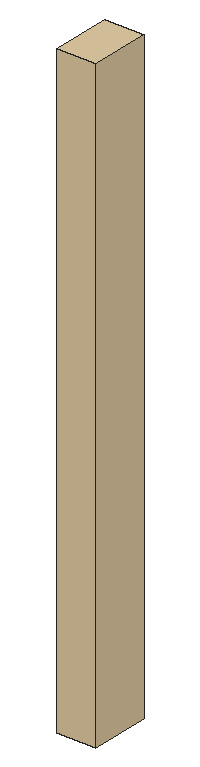
Revit family
Parameters (values of type "191 x 292mm")
  Keynote = "G"
  Depth = 292.00 mm
  Material = Wood - Dimensional Timber
  Width = 191.00 mm
Types (8, lengths in mm): name | Depth | Width
  (no name) | 292.00 | 191.00
  140 x 191mm | 191.00 | 140.00
  191 x 191mm | 191.00 | 191.00
  140 x 140mm | 140.00 | 140.00
  191 x 241mm | 241.00 | 191.00
  114 x 114mm | 114.00 | 114.00
  140 x 241mm | 241.00 | 140.00
  191 x 292mm | 292.00 | 191.00
Reference planes
  plane 1: y = 0
  plane 2: z = 0
  plane 3: x = 0
  plane 4: x = -95.5
  plane 5: x = 95.5
  plane 6: y = 146
  plane 7: y = -146
Forms (mm)
  Extrusion 1, solid, material "Wood - Dimensional Timber" <- "Material"
    sketch origin (0, 0, 0) x (1, 0, 0) y (0, 1, 0)
      loop
        line (-95.5, -146) -> (95.5, -146) -> (95.5, 146) -> (-95.5, 146) -> (-95.5, -146)
    from 0 to 3000
Lines and regions (mm)
  symbolic lines
    curve 1: line (-95.5, 146, 0) -> (95.5, -146, 0)
    curve 2: line (95.5, 146, 0) -> (-95.5, -146, 0)
Dimensions and locks
  equal spacing: plane 4, plane 3, plane 5
  equal spacing: plane 7, plane 1, plane 6
  "Width": plane 4 to plane 5
  "Depth": plane 7 to plane 6
  aligned and locked: plane 4 to Extrusion 1 sketch curve
  aligned and locked: plane 5 to Extrusion 1 sketch curve
  aligned and locked: Extrusion 1 sketch curve to plane 5
  aligned and locked: level to Extrusion 1
Automatic sketch dimensions
  Extrusion 1 sketch curve to plane 7 = 0.00 mm
  Extrusion 1 sketch curve to plane 6 = 0.00 mm
  curve 2 to plane 5 = 0.00 mm
  curve 1 to plane 5 = 0.00 mm
  curve 1 to plane 7 = 0.00 mm
  curve 2 to plane 6 = 0.00 mm
  curve 1 to plane 6 = 0.00 mm
  curve 2 to plane 4 = 0.00 mm
  curve 1 to plane 4 = 0.00 mm
  curve 2 to plane 7 = 0.00 mm
